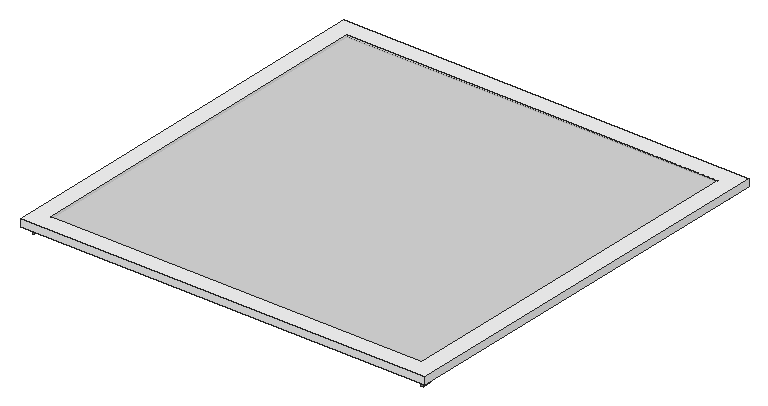
Revit family "0047636 Feilo Sylvania Lighting Fixtures START FLAT UGR19 600 3000K DALI G2", category Lighting Fixtures, host Face, Revit 2017
Family settings
  Host = Face
  Round Connector Dimension = Use Diameter
  Part Type = Normal
  OmniClass Number = 23.80.70.11.17
  OmniClass Title = Specialized Lighting by Location or Use
  Cut with Voids When Loaded = No
  Light Source = Yes
  Shared = No
  Room Calculation Point = No
Parameters (values of type "0047636 START FLAT UGR19 600 3000K DALI G2")
  Weight = "12.25 kg"
  Wattage = 33 W
  WarrantyStartDate [instance] = "n/a"
  WarrantyGuarantorParts = "n/a"
  WarrantyDurationUnit = "n/a"
  WarrantyDurationParts = "n/a"
  WarrantyDescription = "n/a"
  built-in parameter 1150110 = 1 (stored number, unit not read)
  Voltage = 230 V
  URL = "http://www.sylvania-lighting.com"
  TypeName = "START FLAT UGR19 600 3000K DALI G2"
  built-in parameter 1114217 = 1 (stored number, unit not read)
  Tilt Angle = -90.00°
  built-in parameter 1150109 = 1 (stored number, unit not read)
  built-in parameter 1150134 = (empty or 0)
  built-in parameter 1150113 = 1 (stored number, unit not read)
  SerialNumber [instance] = "n/a"
  PowerFactor = 0.98
  PowerConsumption = "33 W"
  Photometric Web File = "0047636.ies"
  NominalLength = 595.0 mm
  NominalHeight = 10.5 mm
  NominalDepth = 595.0 mm
  Name = "START FLAT UGR19 600 3000K DALI G2"
  ModelReference = "START FLAT UGR19 600 3000K DALI G2"
  ModelNumber = "0047636"
  Material = "aluminium housing, pmma diffuser"
  ManufacturerName = "Feilo Sylvania"
  LuminousEfficacy = "100 lm/W"
  LuminaireType = ""
  LightOutputRatio = "n/a"
  LampsType = Lamp  # "Integrated LED"
  LampNominalLuminous = "3400 lm"
  LampMacAdamStep = "3"
  LampColourTemperature = "3000 K"
  LampColourRenderingIndex = "80"
  Keynote = "16500"
  InstallationDate [instance] = "n/a"
  InputVoltage = "220-240V~"
  InputNominalFrequency = "50/60 Hz"
  IngressProtection = "IP20"
  ImpactProtectionIndex = "IK03"
  IfcExportType = "IfcLightFixtureType"
  IfcExportAs = "IfcLightFixtureType"
  ExpectedLife = 50000
  ElectricShockClassification = "Class II"
  DurationUnit = "hours"
  DocumentationLiterature = "http://www.sylvania-lighting.com/product/en-int/products/0047636"
  DimmingControlOptions = "Dimmable"
  Diffuser Material = Polycarbonate_Sylvania_Startflat Panel LED_Opal
  Cutout Width = 574.0 mm
  Cutout Length = 574.0 mm
  CreatedOn = "11/30/2017"
  CreatedBy = ""
  built-in parameter 1114216 [instance] = 1 (stored number, unit not read)
  Model = "START FLAT UGR19 600 3000K DALI G2"
  Manufacturer = "Feilo-Sylvania Group"
  built-in parameter 1150105 = 1842.7 (stored number, unit not read)
  Lumens = 3300 lm
  built-in parameter 1150115 = 1 (stored number, unit not read)
  built-in parameter 1150137 = (empty or 0)
  built-in parameter 1150139 = (empty or 0)
  built-in parameter 1150112 = 1 (stored number, unit not read)
  built-in parameter 1150114 = 1 (stored number, unit not read)
  Lamp = "Integrated LED"  # constant formula
  built-in parameter 1150132 = 2
  built-in parameter 1150102 = (empty or 0)
  built-in parameter 1150107 = 3000 (stored number, unit not read)
  built-in parameter 1150138 = (empty or 0)
  built-in parameter 1150106 = 18.427 (stored number, unit not read)
  Body Material = Metal_Sylvania_Startflat Panel LED_White
  Emit from Rectangle Width = 545.0 mm
  Emit from Rectangle Length = 545.0 mm
  Emit Shape Visible in Rendering = no
  built-in parameter 1150104 = 9.2903 (stored number, unit not read)
  Dimming Lamp Color Temperature Shift = <None>
  Description = "Ultra thin LED Panel, excellent uniformity of light, perfect for ceilings with low voids, high efficacy.Ulta thin edgelit LED 600x600mm Panel with, excellent uniform light distribution. Acrylic PMMA diffuser optimising light output whilst reducing glare. 4239lm 93lm/W."  # constant formula
  Default Elevation = 0.0 mm
  Color Filter = 16777215
  built-in parameter 1140040 [instance] = 1
  BarCode [instance] = "n/a"
  built-in parameter 1114218 = 1 (stored number, unit not read)
  built-in parameter 1150133 = 10 (stored number, unit not read)
  AssetType = "Fixed"
  AssetIdentifier [instance] = "n/a"
  Assembly Code = "D5020200"
  Apparent Load = 33 VA
  Mounting Material = Metal_Sylvania_Startflat Panel LED_Silver
Reference planes
  plane 1 "Center (Front/Back)": y = 0
  plane 2 "Fixture Top": z = 0
  plane 3 "Center (Left/Right)": x = 0
  plane 4: x = 295.5
  plane 5: x = -295.5
  plane 6 "Fixture Back": y = 297.5
  plane 7 "Fixture Front": y = -297.5
  plane 8 "Fixture Left": x = -297.5
  plane 9 "Fixture Right": x = 297.5
  plane 10: y = 295.5
  plane 11: y = -295.5
  plane 12: x = 272.5
  plane 13: x = -272.5
  plane 14: y = 272.5
  plane 15: y = -272.5
  plane 16: x = -287
  plane 17: x = 287
  plane 18: y = 287
  plane 19: y = -287
  plane 20 "Fixture Bottom": z = 10.5
  plane 21: z = 8.5
  plane 22: z = 6.5
  plane 23: z = -10
  plane 24: z = 2
Forms (mm)
  Extrusion 1, void
    sketch origin (0, 0, 60) x (-1, 0, 0) y (0, -1, 0)
      loop
        line (287, -287) -> (287, 287) -> (-287, 287) -> (-287, -287) -> (287, -287)
    from -70 to -60
  Extrusion 2, solid, material "Metal_Sylvania_Startflat Panel LED_White" <- "Body Material", detail levels fine
    sketch origin (0, 0, 60) x (-1, 0, 0) y (0, -1, 0)
      loop
        line (297.5, -297.5) -> (297.5, 297.5) -> (-297.5, 297.5) -> (-297.5, -297.5) -> (297.5, -297.5)
      loop
        line (272.5, -272.5) -> (272.5, 272.5) -> (-272.5, 272.5) -> (-272.5, -272.5) -> (272.5, -272.5)
    from -51.5 to -49.5
  Extrusion 3, solid, material "Metal_Sylvania_Startflat Panel LED_White" <- "Body Material", detail levels fine
    sketch origin (0, 0, 60) x (-1, 0, 0) y (0, -1, 0)
      loop
        line (297.5, -297.5) -> (297.5, 297.5) -> (-297.5, 297.5) -> (-297.5, -297.5) -> (297.5, -297.5)
      loop
        line (295.5, -295.5) -> (295.5, 295.5) -> (-295.5, 295.5) -> (-295.5, -295.5) -> (295.5, -295.5)
    from -60 to -51.5
  Extrusion 4, solid, material "Polycarbonate_Sylvania_Startflat Panel LED_Opal" <- "Diffuser Material", detail levels fine
    sketch origin (0, 0, 60) x (-1, 0, 0) y (0, -1, 0)
      loop
        line (295.5, -295.5) -> (295.5, 295.5) -> (-295.5, 295.5) -> (-295.5, -295.5) -> (295.5, -295.5)
    from -53.5 to -51.5
  Extrusion 5, solid, material "Metal_Sylvania_Startflat Panel LED_Silver" <- "Mounting Material", detail levels fine
    sketch origin (0, 0, 60) x (-1, 0, 0) y (0, -1, 0)
      loop
        line (287, -287) -> (287, -272.5) -> (284, -272.5) -> (284, -287) -> (287, -287)
      loop
        line (-284, -287) -> (-284, -272.5) -> (-287, -272.5) -> (-287, -287) -> (-284, -287)
      loop
        line (-284, 272.5) -> (-284, 287) -> (-287, 287) -> (-287, 272.5) -> (-284, 272.5)
      loop
        line (284, 272.5) -> (287, 272.5) -> (287, 287) -> (284, 287) -> (284, 272.5)
    from -70 to -60
  Extrusion 6, solid, material "Metal_Sylvania_Startflat Panel LED_White" <- "Body Material", detail levels fine
    sketch origin (0, 0, 60) x (-1, 0, 0) y (0, -1, 0)
      loop
        line (297.5, -297.5) -> (297.5, 297.5) -> (-297.5, 297.5) -> (-297.5, -297.5) -> (297.5, -297.5)
    from -60 to -58
  Extrusion 7, solid, material "Metal_Sylvania_Startflat Panel LED_White" <- "Body Material", detail levels coarse+medium
    sketch origin (0, 0, 60) x (-1, 0, 0) y (0, -1, 0)
      loop
        line (297.5, -297.5) -> (297.5, 297.5) -> (-297.5, 297.5) -> (-297.5, -297.5) -> (297.5, -297.5)
    from -60 to -49.5
Cuts and joins
  joined: Extrusion 2, Extrusion 3, Extrusion 6
Dimensions and locks
  equal spacing: plane 6 "Fixture Back", plane 1 "Center (Front/Back)", plane 7 "Fixture Front"
  locked: plane 6 "Fixture Back" to plane 7 "Fixture Front" at 595
  equal spacing: plane 8 "Fixture Left", plane 3 "Center (Left/Right)", plane 9 "Fixture Right"
  locked: plane 8 "Fixture Left" to plane 9 "Fixture Right" at 595
  locked: plane 8 "Fixture Left" to plane 5 at 2
  locked: plane 4 to plane 9 "Fixture Right" at 2
  locked: plane 6 "Fixture Back" to plane 10 at 2
  locked: plane 11 to plane 7 "Fixture Front" at 2
  locked: plane 12 to plane 9 "Fixture Right" at 25
  locked: plane 8 "Fixture Left" to plane 13 at 25
  locked: plane 6 "Fixture Back" to plane 14 at 25
  locked: plane 15 to plane 7 "Fixture Front" at 25
  equal spacing: plane 16, plane 3 "Center (Left/Right)", plane 17
  "Cutout Length": plane 16 to plane 17
  equal spacing: plane 18, plane 1 "Center (Front/Back)", plane 19
  "Cutout Width": plane 18 to plane 19
  locked: plane 20 "Fixture Bottom" to plane 2 "Fixture Top" at 10.5
  plane 20 "Fixture Bottom" to plane 21 to plane 22 = 2.0 mm locked, 2.0 mm locked
  locked: plane 2 "Fixture Top" to plane 23 at 10
  locked: plane 16 to Extrusion 5 sketch curve at 3
  locked: Extrusion 5 sketch curve to plane 17 at 3
  locked: plane 24 to plane 2 "Fixture Top" at 2
  aligned and locked: level to host face
  aligned and locked: imposter light to plane 1 "Center (Front/Back)"
  aligned and locked: plane 2 "Fixture Top" to Extrusion 1
  aligned and locked: Extrusion 2 sketch curve to plane 6 "Fixture Back"
  aligned and locked: plane 8 "Fixture Left" to Extrusion 2 sketch curve
  aligned and locked: plane 7 "Fixture Front" to Extrusion 2 sketch curve
  aligned and locked: Extrusion 2 sketch curve to plane 9 "Fixture Right"
  aligned and locked: Extrusion 2 sketch curve to plane 14
  aligned and locked: plane 13 to Extrusion 2 sketch curve
  aligned and locked: plane 15 to Extrusion 2 sketch curve
  aligned and locked: Extrusion 2 sketch curve to plane 12
  aligned and locked: Extrusion 3 sketch curve to Extrusion 2  (x4)
  aligned and locked: Extrusion 3 sketch curve to plane 10
  aligned and locked: plane 5 to Extrusion 3 sketch curve
  aligned and locked: plane 11 to Extrusion 3 sketch curve
  aligned and locked: Extrusion 3 sketch curve to plane 4
  aligned and locked: Extrusion 4 sketch curve to cut or joined group of Extrusion 2, Extrusion 3, Extrusion 6  (x4)
  aligned and locked: plane 16 to Extrusion 1 sketch curve
  aligned and locked: Extrusion 1 sketch curve to plane 17
  aligned and locked: Extrusion 1 sketch curve to plane 18
  aligned and locked: plane 19 to Extrusion 1 sketch curve
  aligned and locked: plane 20 "Fixture Bottom" to cut or joined group of Extrusion 2, Extrusion 3, Extrusion 6
  aligned and locked: cut or joined group of Extrusion 2, Extrusion 3, Extrusion 6 to plane 21
  aligned and locked: plane 21 to cut or joined group of Extrusion 2, Extrusion 3, Extrusion 6
  aligned and locked: cut or joined group of Extrusion 2, Extrusion 3, Extrusion 6 to plane 2 "Fixture Top"
  aligned and locked: plane 21 to Extrusion 4
  aligned and locked: Extrusion 4 to plane 22
  aligned and locked: level to plane 2 "Fixture Top"
  aligned and locked: plane 3 "Center (Left/Right)" to imposter light
  aligned and locked: plane 20 "Fixture Bottom" to imposter light
  aligned and locked: Extrusion 5 sketch curve to plane 18  (x2)
  aligned and locked: plane 16 to Extrusion 5 sketch curve
  aligned and locked: cut or joined group of Extrusion 2, Extrusion 3, Extrusion 6 to Extrusion 5 sketch curve  (x3)
  aligned and locked: plane 14 to Extrusion 5 sketch curve
  aligned and locked: Extrusion 5 sketch curve to plane 17  (x2)
  aligned and locked: plane 19 to Extrusion 5 sketch curve
  aligned and locked: Extrusion 5 sketch curve to plane 19
  aligned and locked: Extrusion 5 sketch curve to plane 16
  aligned and locked: Extrusion 5 to plane 23
  aligned and locked: Extrusion 5 sketch curve to Extrusion 5 sketch curve  (x2)
  aligned and locked: Extrusion 6 sketch curve to cut or joined group of Extrusion 2, Extrusion 3, Extrusion 6  (x4)
  aligned and locked: Extrusion 6 to plane 2 "Fixture Top"
  aligned and locked: plane 24 to Extrusion 6
  aligned and locked: plane 2 "Fixture Top" to Extrusion 5
  aligned and locked: Extrusion 7 sketch curve to cut or joined group of Extrusion 2, Extrusion 3, Extrusion 6  (x4)
  aligned and locked: Extrusion 7 to plane 2 "Fixture Top"
  aligned and locked: plane 20 "Fixture Bottom" to Extrusion 7
  aligned and locked: Extrusion 1 to Extrusion 5
Automatic sketch dimensions
  host sketch curve to host sketch curve = 1461.012 mm
  host sketch curve to host sketch curve = 1283.632 mm
Connectors
  electrical at (0, 0, 0), driven by "Apparent Load"
    settings: on cut or joined group of Extrusion 2, Extrusion 3, Extrusion 6, index 1, voltage 230 V, apparent load 0 VA, apparent load phase1 33 VA, apparent load phase2 0 VA, apparent load phase3 0 VA, power factor 1, load classification "Lighting", number of poles 1, system type 31, power factor state 1, is connector primary yes, connector utility no, sub classification motor no, connector description ""
